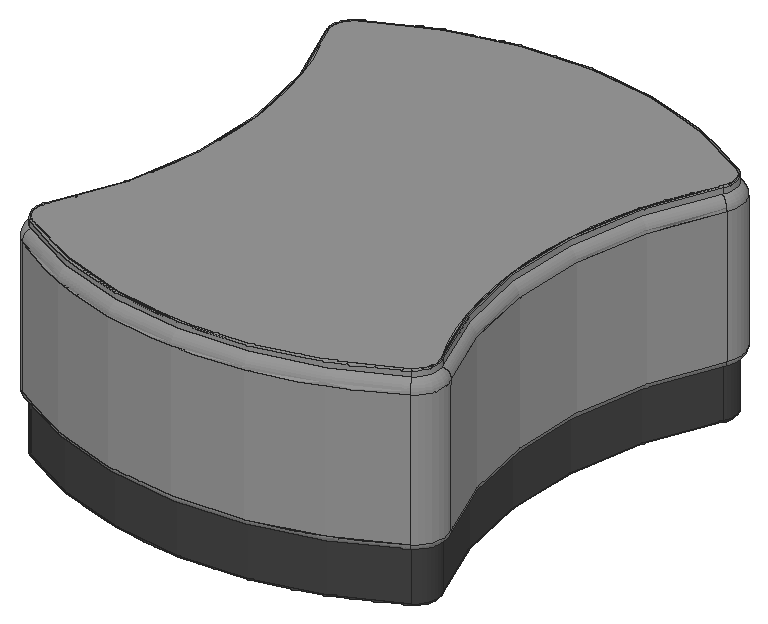
Revit family "1300T Quad Bench Lam Top", category Generic Models, Revit 2018
Family settings
  Can host rebar = No
  Round Connector Dimension = Use Diameter
  Part Type = Normal
  Work Plane-Based = No
  Always vertical = Yes
  Cut with Voids When Loaded = No
  Shared = No
  Room Calculation Point = No
Parameters
  Surface = 1300T Quad Lam Top Surface
  Fabric = 1300T Quad Lam Top Fabric
  Edgeband = 1300T Quad Lam Top Edgeband
Reference planes
  plane 1 "Center (Front/Back)": y = 0
  plane 2: z = 0
  plane 3 "Center (Left/Right)": x = 0
Forms (mm)
  Extrusion 1, solid, material "1300T Quad Lam Top Fabric" <- "Fabric"
    sketch origin (0, 0, 0) x (1, 0, 0) y (0, 1, 0)
      loop
        arc (-354.22, 396.296) -> (-367.601, 377.641) -> (-365.451, 354.785) r 32.756
        arc (-365.451, 354.785) -> (-278.694, 1.807) -> (-365.451, -351.172) r 761.445
        arc (-365.451, -351.172) -> (-367.96, -374.125) -> (-354.22, -392.682) r 31.672
        arc (-354.22, -392.682) -> (17.399, -499.607) -> (389.017, -392.682) r 699.244
        arc (389.017, -392.682) -> (402.398, -374.028) -> (400.248, -351.172) r 32.756
        arc (400.248, -351.172) -> (313.491, 1.807) -> (400.248, 354.785) r 761.446
        arc (400.248, 354.785) -> (402.757, 377.739) -> (389.017, 396.296) r 31.672
        arc (389.017, 396.296) -> (17.399, 502.418) -> (-354.22, 396.296) r 703.727
    from 114.17 to 418.97
  Sweep 2, solid, material "1300T Quad Lam Top Fabric" <- "Fabric"
    path origin (0, 0, 0) x (1, 0, 0) y (0, 1, 0)
      loop
        arc (389.017, 396.296) -> (17.399, 502.418) -> (-354.22, 396.296) r 703.727
        arc (-354.22, 396.296) -> (-367.601, 377.641) -> (-365.451, 354.785) r 32.756
        arc (-365.451, 354.785) -> (-278.694, 1.807) -> (-365.451, -351.172) r 761.445
        arc (-365.451, -351.172) -> (-367.96, -374.125) -> (-354.22, -392.682) r 31.672
        arc (-354.22, -392.682) -> (17.399, -499.607) -> (389.017, -392.682) r 699.244
        arc (389.017, -392.682) -> (402.398, -374.028) -> (400.248, -351.172) r 32.756
        arc (400.248, -351.172) -> (313.491, 1.807) -> (400.248, 354.785) r 761.446
        arc (400.248, 354.785) -> (402.757, 377.739) -> (389.017, 396.296) r 31.672
    profile origin (17.399, 502.418, 0) x (0, -1, 0) y (0, 0, 1)
      loop
        line (0, 114.17) -> (0, 418.97)
        arc (0, 418.97) -> (-17.96, 411.531) -> (-25.4, 393.57) r 25.4
        line (-25.4, 393.57) -> (-25.4, 126.87)
        arc (-25.4, 126.87) -> (-21.68, 117.89) -> (-12.7, 114.17) r 12.7
        line (-12.7, 114.17) -> (0, 114.17)
  Extrusion 3, solid, material "1300S Trim Black"
    sketch origin (0, 0, 0) x (1, 0, 0) y (0, 1, 0)
      loop
        arc (-374.363, -346.257) -> (-376.594, -376.264) -> (-359.769, -401.209) r 45.918
        arc (-359.769, -401.209) -> (17.399, -507.996) -> (394.566, -401.209) r 719.463
        arc (394.566, -401.209) -> (412.795, -376.745) -> (409.24, -346.443) r 41.273
        arc (409.24, -346.443) -> (323.258, 1.807) -> (409.24, 350.056) r 748.238
        arc (409.24, 350.056) -> (412.593, 380.389) -> (394.417, 404.903) r 41.761
        arc (394.417, 404.903) -> (17.399, 511.673) -> (-359.62, 404.903) r 719.035
        arc (-359.62, 404.903) -> (-377.933, 380.323) -> (-374.363, 349.879) r 41.472
        arc (-374.363, 349.879) -> (-288.461, 1.811) -> (-374.363, -346.257) r 748.119
    from 12.653 to 114.17
  Sweep 4, solid, material "1300S Trim Black"
    path origin (0, 0, 0) x (1, 0, 0) y (0, 1, 0)
      loop
        arc (394.417, 404.903) -> (17.399, 511.673) -> (-359.62, 404.903) r 719.035
        arc (-359.62, 404.903) -> (-377.933, 380.323) -> (-374.363, 349.879) r 41.472
        arc (-374.363, 349.879) -> (-288.461, 1.811) -> (-374.363, -346.257) r 748.119
        arc (-374.363, -346.257) -> (-376.594, -376.264) -> (-359.769, -401.209) r 45.918
        arc (-359.769, -401.209) -> (17.399, -507.996) -> (394.566, -401.209) r 719.463
        arc (394.566, -401.209) -> (412.795, -376.745) -> (409.24, -346.443) r 41.273
        arc (409.24, -346.443) -> (323.258, 1.807) -> (409.24, 350.056) r 748.238
        arc (409.24, 350.056) -> (412.593, 380.389) -> (394.417, 404.903) r 41.761
    profile origin (17.399, 511.673, 0) x (0, -1, 0) y (0, 0, 1)
      loop
        line (0, 12.653) -> (0, 114.17) -> (-2.457, 114.17) -> (-2.457, 15.11)
        arc (-2.457, 15.11) -> (-1.738, 13.373) -> (0, 12.653) r 2.457
  Revolve 5, solid, material "1300S Gliders"
    sketch origin (0, -353.674, 0) x (1, 0, 0) y (0, 0, 1)
      loop
        line (-282.977, 12.653) -> (-295.63, 12.653) -> (-295.63, 0)
        arc (-295.63, 0) -> (-286.683, 3.706) -> (-282.977, 12.653) r 12.653
      axis (-295.63, 0) -> (-295.63, 12.653)
    angle from 0 to 360
  Revolve 6, solid, material "1300S Gliders"
    sketch origin (0, 357.194, 0) x (1, 0, 0) y (0, 0, 1)
      loop
        line (-282.977, 12.653) -> (-295.63, 12.653) -> (-295.63, 0)
        arc (-295.63, 0) -> (-286.683, 3.706) -> (-282.977, 12.653) r 12.653
      axis (-295.63, 0) -> (-295.63, 12.653)
    angle from 0 to 360
  Revolve 7, solid, material "1300S Gliders"
    sketch origin (34.939, -353.674, 0) x (-1, 0, 0) y (0, 0, -1)
      loop
        arc (-282.977, -12.653) -> (-286.683, -3.706) -> (-295.63, 0) r 12.653
        line (-295.63, 0) -> (-295.63, -12.653) -> (-282.977, -12.653)
      axis (-295.63, 0) -> (-295.63, -12.653)
    angle from 0 to 360
  Revolve 8, solid, material "1300S Gliders"
    sketch origin (34.939, 357.194, 0) x (-1, 0, 0) y (0, 0, -1)
      loop
        arc (-282.977, -12.653) -> (-286.683, -3.706) -> (-295.63, 0) r 12.653
        line (-295.63, 0) -> (-295.63, -12.653) -> (-282.977, -12.653)
      axis (-295.63, 0) -> (-295.63, -12.653)
    angle from 0 to 360
  Extrusion 9, solid, material "1300T Quad Lam Top Surface" <- "Surface"
    sketch origin (0, 0, 450.85) x (1, 0, 0) y (0, 1, 0)
      loop
        arc (-359.769, -401.209) -> (17.399, -507.996) -> (394.566, -401.209) r 719.463
        arc (394.566, -401.209) -> (412.795, -376.745) -> (409.24, -346.443) r 41.273
        arc (409.24, -346.443) -> (323.258, 1.807) -> (409.24, 350.056) r 748.238
        arc (409.24, 350.056) -> (412.593, 380.389) -> (394.417, 404.903) r 41.761
        arc (394.417, 404.903) -> (17.399, 511.673) -> (-359.62, 404.903) r 719.035
        arc (-359.62, 404.903) -> (-377.933, 380.323) -> (-374.363, 349.879) r 41.472
        arc (-374.363, 349.879) -> (-288.461, 1.811) -> (-374.363, -346.257) r 748.119
        arc (-374.363, -346.257) -> (-376.594, -376.264) -> (-359.769, -401.209) r 45.918
    from -31.88 to -19.05
  Sweep 10, solid, material "1300T Quad Lam Top Edgeband" <- "Edgeband"
    path origin (0, 0, 0) x (1, 0, 0) y (0, 1, 0)
      loop
        arc (395.712, 406.991) -> (17.403, 514.13) -> (-360.908, 406.995) r 721.492
        arc (-360.908, 406.995) -> (-380.305, 380.966) -> (-376.532, 348.724) r 43.929
        arc (-376.532, 348.724) -> (-290.918, 1.758) -> (-376.581, -345.195) r 745.662
        arc (-376.581, -345.195) -> (-378.966, -376.904) -> (-361.152, -403.243) r 48.375
        arc (-361.152, -403.243) -> (17.343, -510.453) -> (395.854, -403.302) r 721.92
        arc (395.854, -403.302) -> (415.167, -377.387) -> (411.409, -345.287) r 43.73
        arc (411.409, -345.287) -> (325.715, 1.814) -> (411.415, 348.913) r 745.781
        arc (411.415, 348.913) -> (414.964, 381.034) -> (395.712, 406.991) r 44.219
    profile origin (17.403, 514.13, 0) x (-0.000006, -1, 0) y (0, 0, 1)
      loop
        line (0.054, 418.97) -> (2.457, 418.97) -> (2.457, 431.8)
        arc (2.457, 431.8) -> (0.758, 431.096) -> (0.054, 429.397) r 2.403
        line (0.054, 429.397) -> (0.054, 418.97)
Dimensions and locks
  aligned and locked: plane 2 to level
